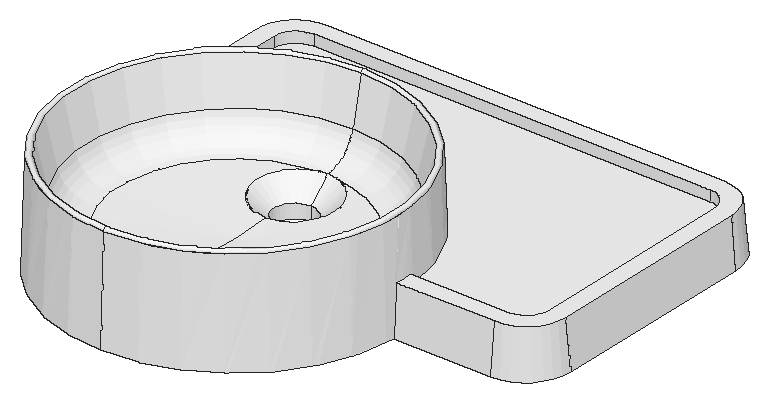
Revit family "WashBasin-54cm-VanityBasin-Vitra_VoyageSeries_7223", category Plumbing Fixtures, host Face, Revit 2017
Family settings
  Host = Face
  Round Connector Dimension = Use Diameter
  Part Type = Normal
  OmniClass Number = 23.45.05.14.14
  OmniClass Title = Sinks/Lavatories
  Cut with Voids When Loaded = No
  Shared = Yes
  Room Calculation Point = No
Parameters (values of type "WashBasin-54cm-VanityBasin-Vitra_VoyageSeries_7223B403-0041")
  Youtube = "https://www.youtube.com/user/VitrAglobal"
  Weight Net (kg) = "12.9"
  Waste Connection = yes
  Warranty Period (Year) = "10 Years"
  Vent Connection = no
  Uniformat II Description = "Plumbing Fixtures"
  Uniformat II Code = "D2010"
  Uniclass 2015 Name = "Wash basins Sinks and troughs"
  Uniclass 2015 Code = "Pr_40_20_96_81"
  Uniclass 2.0 Description = "Sanitary Dispensing And Disposal Units"
  Uniclass 2.0 Code = "SS-35-65-70-94"
  Uniclass 1.4 Description = "Washbasins"
  Uniclass 1.4 Code = "L7212"
  URL = "https://www.vitraglobal.com"
  UNSPSC Description = ""
  UNSPSC Code = "301815"
  Technical description = "https://www.vitraglobal.com/pdf/7223B403-0041/"
  Tap hole Options (default) = ""
  Specification = ""
  Region South America = "All"
  Region Oceania = "All"
  Region North America = "All"
  Region Middle East = "All"
  Region Europe = "All"
  Region Asia = "All"
  Region Antarctica = "All"
  Region Africa = "All"
  Product url = ""
  Product manual = ""
  Product group = "Voyage"
  Product family = "Vanity Washbasins"
  Product data url = "https://www.vitraglobal.com/bathroom-sanitaryware/washbasins/vanity-washbasins/voyage-vanity-washbasin-sku-7223B403-0041/"
  Product certification = "https://www.vitraglobal.com/brochures/"
  Product SKU = "7223B403-0041"
  Product Guid = ""
  Primary Material = White
  OmniClass Description = "Sinks/Lavatories"
  OmniClass Code = "23.45.05.14.14"
  Nominal Width (mm) = 540 mm
  Nominal Height (mm) = 119.963 mm
  Nominal Depth (mm) = 520 mm
  NBS Referans Description = "Wash Basin Systems"
  NBS Referans Code = "35-65-70-94"
  Mounting type = "Vanity"
  Model = "7223B403-0041"
  Masterformat 2014 Description = "Residential Lavatories and Sinks"
  Masterformat 2014 Code = "22 41 16"
  Manufacturer name = "Vitra"
  Manufacturer = "VitrA"
  Main Material = "Ceramic"
  Installation instructions = ""
  IFC Classification = "Sanitary Terminal"
  HW Connection = no
  EAN code = ""
  Design country = "Turkey"
  Description = "Voyage Vanity Washbasin With Tap Hole Without Overflow Hole 54 cm"
  Default Elevation = 850 mm
  Color = "White"
  CW Connection = no
  COBIe Type Category = ""
  Brand = "VitrA"
  BIMobject category = "Sanitary - Basins"
  Article No. (default) = "7223B403-0041"
  Accessories (default) = ""
Reference planes
  plane 1 "Center (Front/Back)": y = 0
  plane 2: z = 0
  plane 3 "Center (Left/Right)": x = 0
  plane 4: y = 277.332
  plane 5: x = 349.969
  plane 6: x = -190.031
  plane 7: y = -242.668
  plane 8: z = 119.963
Forms (mm)
  Blend 1, solid, material "White" <- "Primary Material", detail levels fine
    base sketch origin (0, 0, 0) x (1, 0, 0) y (0, 1, 0)
      loop
        line (299.969, 276.532) -> (-150, 276.532)
        arc (-150, 276.532) -> (-185.355, 261.887) -> (-200, 226.532) r 50
        line (-200, 226.532) -> (-200, -58.468) -> (299.969, -58.468)
        arc (299.969, -58.468) -> (335.325, -43.823) -> (349.969, -8.468) r 50
        line (349.969, -8.468) -> (349.969, 226.532)
        arc (349.969, 226.532) -> (335.325, 261.887) -> (299.969, 276.532) r 50
    top sketch origin (0, 0, 0) x (1, 0, 0) y (0, 1, 0)
      loop
        line (299.969, 271.532) -> (-150, 271.532)
        arc (-150, 271.532) -> (-181.82, 258.352) -> (-195, 226.532) r 45
        line (-195, 226.532) -> (-195, -53.468) -> (299.969, -53.468)
        arc (299.969, -53.468) -> (331.789, -40.288) -> (344.969, -8.468) r 45
        line (344.969, -8.468) -> (344.969, 226.532)
        arc (344.969, 226.532) -> (331.789, 258.352) -> (299.969, 271.532) r 45
    from 0 to 53.953
  Revolve 2, solid, material "White" <- "Primary Material", detail levels fine
    sketch origin (0, 0, 0) x (0, 1, 0) y (0, 0, 1)
      loop
        line (-47.668, 0) -> (-47.668, 30.312) -> (-178.678, 37.495)
        arc (-178.678, 37.495) -> (-202.236, 46.824) -> (-215.463, 68.437) r 40
        line (-215.463, 68.437) -> (-227.266, 119.561)
        arc (-227.266, 119.561) -> (-230.69, 122.026) -> (-233.582, 118.953) r 3.2
        line (-233.582, 118.953) -> (-237.736, 0) -> (-47.668, 0)
      axis (-47.668, 0) -> (-47.668, 119.561)
    angle from 0 to 360
  Revolve 3, void
    sketch origin (0, 0, 0) x (0, 1, 0) y (0, 0, 1)
      loop
        line (60.374, 15.754) -> (93.196, 45) -> (37.333, 45) -> (37.333, -5.166) -> (60.374, -5.166) -> (60.374, 15.754)
      axis (37.333, -5.166) -> (37.333, 45)
    angle from 0 to 360
  Extrusion 4, void
    sketch origin (165.702, 255.434, 41.953) x (-1, 0, 0) y (0, -1, 0)
      loop
        line (-134.268, 3.903) -> (315.702, 3.903)
        arc (315.702, 3.903) -> (333.379, 11.225) -> (340.702, 28.903) r 25
        line (340.702, 28.903) -> (340.702, 288.903) -> (-134.268, 288.903)
        arc (-134.268, 288.903) -> (-151.945, 281.58) -> (-159.268, 263.903) r 25
        line (-159.268, 263.903) -> (-159.268, 28.903)
        arc (-159.268, 28.903) -> (-151.945, 11.225) -> (-134.268, 3.903) r 25
    from 0 to 18.3
  Extrusion 5, void
    sketch origin (165.702, 255.434, 41.953) x (-1, 0, 0) y (0, -1, 0)
      loop
        circle (165.702, 308.903) r 180
    from -41.953 to 28.234
  Extrusion 6, void
    sketch origin (165.702, 255.434, 41.953) x (-1, 0, 0) y (0, -1, 0)
      loop
        spline (165.702, 40.861) -> (167.987, 41.008) -> (170.231, 41.454) -> (172.399, 42.193) -> (174.453, 43.203) -> (176.356, 44.475) -> (178.076, 45.986) -> (179.588, 47.706) -> (180.859, 49.609) -> (181.87, 51.664) -> (182.608, 53.831) -> (183.054, 56.076) -> (183.202, 58.361)
        spline (183.202, 58.361) -> (183.054, 60.646) -> (182.608, 62.89) -> (181.87, 65.058) -> (180.859, 67.112) -> (179.588, 69.015) -> (178.076, 70.735) -> (176.356, 72.247) -> (174.453, 73.518) -> (172.399, 74.529) -> (170.231, 75.267) -> (167.987, 75.714) -> (165.702, 75.861)
        spline (165.702, 75.861) -> (161.172, 75.267) -> (156.95, 73.518) -> (153.327, 70.735) -> (150.544, 67.112) -> (148.795, 62.89) -> (148.201, 58.361) -> (148.795, 53.831) -> (150.544, 49.609) -> (153.327, 45.986) -> (156.95, 43.203) -> (161.172, 41.454) -> (165.702, 40.861)
    from -52.196 to 22.872
  Extrusion 7, solid, detail levels coarse
    sketch origin (165.702, 255.434, 41.953) x (-1, 0, 0) y (0, -1, 0)
      loop
        line (-184.268, -21.897) -> (355.732, -21.897) -> (355.732, 498.103) -> (-184.268, 498.103) -> (-184.268, -21.897)
    from -41.953 to 78.01
  Extrusion 8, solid, detail levels medium
    sketch origin (165.702, 255.434, 41.953) x (-1, 0, 0) y (0, -1, 0)
      loop
        line (-23.374, 314.447) -> (-134.127, 314.447)
        arc (-134.127, 314.447) -> (-169.672, 299.723) -> (-184.396, 264.178) r 50.269
        line (-184.396, 264.178) -> (-184.396, 38.154)
        arc (-184.396, 38.154) -> (-166.807, -4.309) -> (-124.345, -21.897) r 60.051
        line (-124.345, -21.897) -> (300.732, -21.897)
        arc (300.732, -21.897) -> (343.159, -4.324) -> (360.732, 38.103) r 60
        line (360.732, 38.103) -> (360.732, 346.085)
        arc (360.732, 346.085) -> (291.698, 455.339) -> (169.678, 497.92) r 196.12
        arc (169.678, 497.92) -> (36.513, 444.735) -> (-23.374, 314.447) r 193.302
    from -41.953 to 78.01
Cuts and joins
  Extrusion 4, Extrusion 5, Extrusion 6 cuts Blend 1
  Revolve 3 cuts Revolve 2
  joined: Blend 1, Revolve 2
Dimensions and locks
  "Nominal Width (mm)": plane 6 to plane 5
  "Nominal Depth (mm)": plane 7 to plane 4
  "Nominal Height (mm)": plane 8 to plane 2
  aligned and locked: plane 2 to host face
  aligned and locked: level to host face
Automatic sketch dimensions
  host sketch curve to host sketch curve = 2438.4 mm  (x2)
  Blend 1 sketch curve to plane 5 = 0 mm
  Blend 1 sketch curve to plane 5 = 50 mm  (x3)
  Blend 1 sketch curve to Blend 1 sketch curve = 50 mm
  plane 6 to Blend 1 sketch curve = 40.031 mm  (x2)
  Blend 1 sketch curve to plane 6 = 9.969 mm
  plane 1 "Center (Front/Back)" to Blend 1 sketch curve = 58.468 mm
  Blend 1 sketch curve to plane 4 = 50.8 mm
  Blend 1 sketch curve to plane 6 = 4.969 mm
  Blend 1 sketch curve to plane 4 = 5.8 mm
  Blend 1 sketch curve to plane 5 = 5 mm
  plane 1 "Center (Front/Back)" to Blend 1 sketch curve = 8.468 mm
  Revolve 2 sketch curve to level = 0 mm
  plane 7 to Revolve 2 sketch curve = 4.932 mm
  Revolve 2 sketch curve to plane 8 = 1.011 mm
  plane 7 to Revolve 2 sketch curve = 9.086 mm
  Revolve 2 sketch curve to plane 8 = 1.122 mm
  Revolve 2 sketch curve to Revolve 2 sketch curve = 3.198 mm
  Revolve 2 sketch curve to plane 8 = 0.402 mm
  plane 7 to Revolve 2 sketch curve = 27.205 mm
  level to Revolve 2 sketch curve = 37.495 mm
  Revolve 2 sketch curve to Revolve 2 sketch curve = 36.785 mm
  Revolve 2 sketch curve to Revolve 2 sketch curve = 2.19 mm
  plane 1 "Center (Front/Back)" to Revolve 2 sketch curve = 47.668 mm
  level to Revolve 2 sketch curve = 30.312 mm
  Revolve 2 sketch curve to Revolve 2 sketch curve = 30.942 mm
  Revolve 2 sketch curve to Revolve 2 sketch curve = 0 mm
  level to Revolve 2 sketch curve = 15.156 mm
  Revolve 2 sketch curve to Revolve 2 sketch curve = 5.156 mm
  Revolve 3 sketch curve to level = 5.166 mm
  Revolve 3 sketch curve to plane 1 "Center (Front/Back)" = 37.333 mm
  Revolve 3 sketch curve to Revolve 3 sketch curve = 23.042 mm
  level to Revolve 3 sketch curve = 15.754 mm
  Revolve 3 sketch curve to Revolve 3 sketch curve = 0 mm  (x2)
  level to Revolve 3 sketch curve = 45 mm
  Revolve 3 sketch curve to Revolve 3 sketch curve = 32.822 mm
  Revolve 3 sketch curve to Revolve 3 sketch curve = 22.5 mm
  Revolve 3 sketch curve to Revolve 3 sketch curve = 10 mm
  Extrusion 4 sketch curve to Extrusion 4 sketch curve = 25 mm  (x2)
  Extrusion 6 sketch curve to Extrusion 6 sketch curve = 17.5 mm  (x2)
  Extrusion 4 sketch curve to plane 5 = 25 mm
  plane 6 to Extrusion 4 sketch curve = 40.031 mm
  plane 6 to Extrusion 4 sketch curve = 15.031 mm
  Extrusion 4 sketch curve to Extrusion 4 sketch curve = 235 mm
  Extrusion 5 sketch curve to plane 3 "Center (Left/Right)" = 0 mm
  Extrusion 6 sketch curve to plane 3 "Center (Left/Right)" = 0 mm
  Extrusion 7 sketch curve to plane 5 = 0 mm
  Extrusion 7 sketch curve to plane 6 = 0 mm
  Extrusion 7 sketch curve to Extrusion 7 sketch curve = 520 mm
  Extrusion 8 sketch curve to Extrusion 8 sketch curve = 2.818 mm
  plane 5 to Extrusion 8 sketch curve = 0.128 mm
  Extrusion 8 sketch curve to plane 3 "Center (Left/Right)" = 3.976 mm
  Extrusion 8 sketch curve to plane 6 = 5 mm
  Extrusion 8 sketch curve to Extrusion 8 sketch curve = 50.269 mm
  Extrusion 8 sketch curve to plane 5 = 59.923 mm
  Extrusion 8 sketch curve to Extrusion 8 sketch curve = 110.753 mm
  Extrusion 8 sketch curve to Extrusion 8 sketch curve = 226.024 mm
  Extrusion 8 sketch curve to Extrusion 8 sketch curve = 9.828 mm
  Extrusion 8 sketch curve to Extrusion 8 sketch curve = 41.466 mm
  plane 6 to Extrusion 8 sketch curve = 55 mm
  radius of Extrusion 5 sketch curve = 180 mm
Connectors
  piping at (0, 37.333, 0), diameter 50, driven by "Waste Connection"
    settings: on cut or joined group of Blend 1, Revolve 2, Revolve 3, Extrusion 4, Extrusion 5, Extrusion 6, index 1, connector inside diameter 609.6 mm, connector length 0 mm, flow factor 0, pipe flow 0.0 L/s, pressure drop 0.0 Pa, fitting loss kfactor 0, connector angle 0.00°, fixture units 0, engagement length 0 mm, angle of deflection 0.00°, flow configuration 0, flow direction 2, fitting loss method 0, system type 16, joint type 0, gender type 0, connector reference index -1, connector utility 1, adjustable connector no, is connector primary yes, connector description ""
